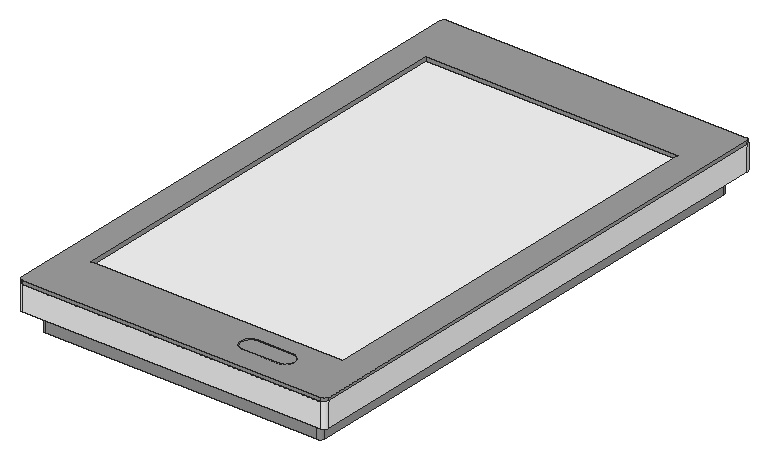
Revit family "Gira_206705", category Electrical Fixtures, host Face, Revit 2017
Family settings
  Host = Face
  Maintain Annotation Orientation = Yes
  Round Connector Dimension = Use Diameter
  Part Type = Normal
  Cut with Voids When Loaded = No
  Shared = No
  Room Calculation Point = No
Parameters (values of type "Gira G1 230 V Gira G1 black gl.")
  material_white = White
  material_black = Black
  With display = yes
  With anti-theft/dismantling protection = yes
  URL = "https://www.gira.de/"
  Type Comments = ""
  Transparent = no
  Temperature controller = yes
  Surface protection = "Sonstige (*de-DE)"
  Surface finishing = "Not applicable"
  Status-LED = yes
  Presence button = no
  Model = ""
  Material quality = "Sonstige (*de-DE)"
  Material = "Sonstige (*de-DE)"
  Manufacturer = "Gira"
  Keynote = ""
  Integrated DCF77 receiver = no
  IR sensor = no
  HeinzeBIM = "https://www.heinze.de/bim/gira-g1-230-v-gira-g1-black-gl-/1566026f7d7fcd12f15de7114faade05d222c1a9"
  HAN = "206705"
  GTIN = "4010337014294"
  Description = "Gira G1 230V G1 GBk Gira G1 230 V,black glass The Gira G1 is a multi-functional room operating device for visualising and operating a variety of building functions. For use in the KNX system and Gira door communication system, or as client. The respective range of functions depends on the firmware used.    When used as a client, the KNX room operating device features are not available. For details on the exact scope of functions, please refer to the Gira online catalogue and the device's technical documentation.,Features: - Operation is via a gesture-capable multi-touch display. - Connection and communication are via LAN or WLAN, depending on the variant. - Integrated speaker. - Integrated microphone with echo compensation.    Potential applications and combinations: - As a multi-functional room operating device, the Gira G1 offers the following functions and function combinations: - KNX room operating device - Home station video - Integrates Internet services or as client for the following systems servers - HomeServer - eNet - X1 - Alarm Connect security system Properties as a KNX room operating device: - Intuitive user interface that can be adapted by the end user. - Switching and dimming (relative and absolute), dimming (incl. Dimming RGB, RGBW, and Tunable White), blind and roller shutter control, value transmitter, and scene auxiliary unit. - Status display, display of date and time, display of indoor and outdoor temperature. - Up to 150 functions (six function folders or rooms with up to 25 functions each). - Up to 125 seven-day timer with 10 switching times each. - Room temperature controller in combination with the temperature sensor module (available as an optional extra), or KNX devices for room temperature measurement, e.g. touch sensor 3 Komfort. - Operating modes: Comfort, standby, night, and frost or heat protection with their own temperature setpoint values (for heating and or cooling). - Operating modes can be adapted individually. - A heating clock as seven-day timer with 28 switching times. - Room temperature controller auxiliary unit for controlling air conditioning systems (fan coil) in conjunction with a KNX gateway for air conditioning systems. Properties as video home station: - Camera changeover: specific selection of connected colour cameras.  - Control of the door opener. - Switching the ringtone on and off. - Ring tone can be selected from a choice of 10 melodies. - Internal calls. Integration of Internet services: - Gira weather service: display of the weather forecast for up to five cities (internet connection required). Gira G1 can also be used as a client for the following systems servers (requires firmware update):: - HomeServer Client - eNet Client - X1 Client - Gira G1 with flush-mounted connection module 230 V WLAN. - Data communication via WLAN.,Notes : - Suitable for indoor use only. - Recommended mounting height: 150 cm above floor. - Installation is performed on a deep device box (an electronics box is recommended for a LAN connection). - Communication with the KNX installation is exclusively via the KNXnet IP standard. - A KNX IP router must be used to connect the Gira G1 PoE to the KNX installation. Several Gira G1 units can be operated on one KNX IP router. - In order to ensure reliable communication via WLAN, a Gira KNX IP router (firmware version 3 and later) is required to connect the Gira G1 230 V or G1 24 V to the KNX installation. For this purpose the Gira KNX IP router (firmware version 3 and later) is specially equipped with the additional function Reliable data communication\". Several Gira G1 units can be operated on one Gira KNX IP router (firmware version 3 and later). - Hardware from index status I08 prepared for KNX Secure (additional firmware update required). - Commissioning in the KNX system from ETS 5.5 or higher. - Can be used as a home station in connection with the DCS-IP gateway. - When planning the system, please observe the technical information on network planning in the device documentation. - The Gira Project Assistant (GPA) is required for firmware updates. The GPA is available free of charge in the Gira download area. - Using the timers requires either an internet connection to a NTP time server or a KNX clock (e.g. Gira weather station Plus 2074 00). - When used as a Gira HomeServer client, the Gira G1's temperature sensor module is not supported.\""
  Default Elevation = 1219.2 mm
  Cost = 0
  Colour = "Black"
  Central functional unit for senders/actuators = yes
  Bus connection included = no
  BIMSITE_PRODUCT_ID = "1566026f7d7fcd12f15de7114faade05d222c1a9"
  BIM = "https://media.live.bim.site/t/eyJhbGciOiJIUzI1NiIsInR5cCI6IkpXVCJ9.eyJjdCI6MSwidGYiOiJwdWJsaWMvZ2lyYS8wOWY1ZGI1L0dpcmFfRzEucmZhIiwiY2lkIjoiZmVkOThlOWEtMWJkOC00YzY4LWE3M2ItNzRhOTRlMzE1ODIzIiwicmlkIjoiZTk2MmZlMDYwM2Q3ZDU4YmJkMjJjNzU1NWEzZTRlNGIiLCJwaWQiOiIxNTY2MDI2ZjdkN2ZjZDEyZjE1ZGU3MTE0ZmFhZGUwNWQyMjJjMWE5Iiwic2lkIjoiNjM0NzAiLCJ1dCI6NSwibGMiOiJlbiIsImlhdCI6MTYwNzQzMTkwMCwiaXNzIjoiaHR0cHM6Ly9hcGkubGl2ZS5iaW0uc2l0ZSIsInN1YiI6IjhkM2FhNWNiLWUwNjYtNDU5OC1iZTE2LTZlMTZlZTc0OTU2YSJ9.EhMID1Qoi5Bdf3ris29f7ra-LtVn-4CDUsXpvQGwEhQ/Gira_G1.rfa"
  Assembly Code = ""
Reference planes
  plane 1 "Center (Front/Back)": y = 0
  plane 2: z = 0
  plane 3 "Center (Left/Right)": x = 0
Forms (mm)
  Extrusion 1, solid, material "White" <- "material_white", detail levels fine
    sketch origin (0, 0, 0) x (1, 0, 0) y (0, 1, 0)
      loop
        arc (-47, 84) -> (-48.061, 83.561) -> (-48.5, 82.5) r 1.5
        line (-48.5, 82.5) -> (-48.5, -82.5)
        arc (-48.5, -82.5) -> (-48.061, -83.561) -> (-47, -84) r 1.5
        line (-47, -84) -> (47, -84)
        arc (47, -84) -> (48.061, -83.561) -> (48.5, -82.5) r 1.5
        line (48.5, -82.5) -> (48.5, 82.5)
        arc (48.5, 82.5) -> (48.061, 83.561) -> (47, 84) r 1.5
        line (47, 84) -> (-47, 84)
    from 0 to 7.654
  Extrusion 2, solid, material "Black" <- "material_black", detail levels fine
    sketch origin (0, 0, 0) x (1, 0, 0) y (0, 1, 0)
      loop
        arc (44.153, 78.61) -> (43.716, 79.665) -> (42.661, 80.102) r 1.492
        line (42.661, 80.102) -> (-42.661, 80.102)
        arc (-42.661, 80.102) -> (-43.716, 79.665) -> (-44.153, 78.61) r 1.492
        line (-44.153, 78.61) -> (-44.153, -78.61)
        arc (-44.153, -78.61) -> (-43.716, -79.665) -> (-42.661, -80.102) r 1.492
        line (-42.661, -80.102) -> (42.661, -80.102)
        arc (42.661, -80.102) -> (43.716, -79.665) -> (44.153, -78.61) r 1.492
        line (44.153, -78.61) -> (44.153, 78.61)
    from 0 to -6.196
  Extrusion 3, solid, material "Black" <- "material_black", detail levels fine
    sketch origin (0, 0, 0) x (1, 0, 0) y (0, 1, 0)
      loop
        line (39.802, 66.02) -> (-39.802, 66.02) -> (-39.802, -66.02) -> (39.802, -66.02) -> (39.802, 66.02)
      loop
        line (47, 83.85) -> (-47, 83.85)
        arc (-47, 83.85) -> (-47.955, 83.455) -> (-48.35, 82.5) r 1.35
        line (-48.35, 82.5) -> (-48.35, -82.5)
        arc (-48.35, -82.5) -> (-47.955, -83.455) -> (-47, -83.85) r 1.35
        line (-47, -83.85) -> (47, -83.85)
        arc (47, -83.85) -> (47.955, -83.455) -> (48.35, -82.5) r 1.35
        line (48.35, -82.5) -> (48.35, 82.5)
        arc (48.35, 82.5) -> (47.955, 83.455) -> (47, 83.85) r 1.35
      loop
        arc (16.826, -70.87) -> (13.826, -73.87) -> (16.826, -76.87) r 3
        line (16.826, -76.87) -> (27.78, -76.87)
        arc (27.78, -76.87) -> (30.78, -73.87) -> (27.78, -70.87) r 3
        line (27.78, -70.87) -> (16.826, -70.87)
    from 6 to 8.604
  Extrusion 4, solid, material "Black" <- "material_black", detail levels fine
    sketch origin (0, 0, 0) x (1, 0, 0) y (0, 1, 0)
      loop
        line (27.78, -70.97) -> (16.826, -70.97)
        arc (16.826, -70.97) -> (13.926, -73.87) -> (16.826, -76.77) r 2.9
        line (16.826, -76.77) -> (27.78, -76.77)
        arc (27.78, -76.77) -> (30.68, -73.87) -> (27.78, -70.97) r 2.9
    from 6 to 8.5
  Extrusion 5, solid, material "Black" <- "material_black", detail levels medium
    sketch origin (0, 0, 0) x (1, 0, 0) y (0, 1, 0)
      loop
        line (44.153, 80.102) -> (-44.153, 80.102) -> (-44.153, -80.102) -> (44.153, -80.102) -> (44.153, 80.102)
    from 0 to -6.196
  Extrusion 6, solid, material "White" <- "material_white", detail levels medium
    sketch origin (0, 0, 0) x (1, 0, 0) y (0, 1, 0)
      loop
        line (-48.5, 84) -> (-48.5, -84) -> (48.5, -84) -> (48.5, 84) -> (-48.5, 84)
    from 0 to 7.654
  Extrusion 7, solid, material "Black" <- "material_black", detail levels medium
    sketch origin (0, 0, 0) x (1, 0, 0) y (0, 1, 0)
      loop
        line (48.35, 83.85) -> (-48.35, 83.85) -> (-48.35, -83.85) -> (48.35, -83.85) -> (48.35, 83.85)
    from 6 to 8.604
  Extrusion 8, solid, material "Black" <- "material_black", detail levels coarse
    sketch origin (0, 0, 0) x (1, 0, 0) y (0, 1, 0)
      loop
        line (48.5, 84) -> (-48.5, 84) -> (-48.5, -84) -> (48.5, -84) -> (48.5, 84)
    from -6.196 to 8.604
Dimensions and locks
  aligned and locked: plane 2 to host face
  aligned and locked: level to host face
  aligned and locked: plane 1 "Center (Front/Back)" to nested 1
  aligned and locked: plane 3 "Center (Left/Right)" to nested 1
Nested families
  nested 1: "symbol" at (0, 0, 0), type "symbol"
Connectors
  electrical at (0, 0, -6.196)
    settings: on Extrusion 8, index 1, voltage 230 V, apparent load 0 VA, apparent load phase1 0 VA, apparent load phase2 0 VA, apparent load phase3 0 VA, power factor 1, load classification "Other", number of poles 1, system type 30, power factor state 1, is connector primary yes, connector utility no, sub classification motor no, connector description ""
Definition of nested family "symbol"
  Reference planes
    plane 1: y = 0
    plane 2: x = 0
  Lines and regions (mm)
    Filled region 1, type "Gefüllter Bereich 1"
      outline origin (0, 0, 0) x (1, 0, 0) y (0, 1, 0)
        loop
          circle (-0.6, 2.4) r 0.4
    Filled region 2, type "Gefüllter Bereich 1"
      outline origin (0, 0, 0) x (1, 0, 0) y (0, 1, 0)
        loop
          circle (0.6, 2.4) r 0.4
    detail lines
      curve 1: line (0, 0, 0) -> (0, 2, 0)
      curve 2: line (0, 2, 0) -> (1.6, 2, 0)
      curve 3: line (1.6, 2, 0) -> (1.6, 3.6, 0)
      curve 4: circle (0.6, 2.4, 0) r 0.4 normal (0, 0, 1)
      curve 5: line (0, 2, 0) -> (-1.6, 2, 0)
      curve 6: line (-1.6, 2, 0) -> (-1.6, 3.6, 0)
      curve 7: circle (-0.6, 2.4, 0) r 0.4 normal (0, 0, -1)
